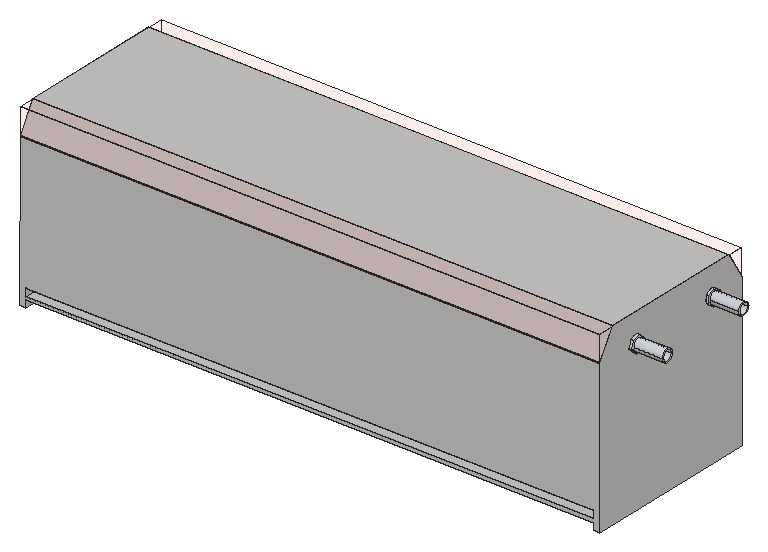
Revit family "Air-Curtain_Climate-Control_PoweredAire_ECE-HW", category Mechanical Equipment, host Face, Revit 2025
Family settings
  Host = Face
  Round Connector Dimension = Use Diameter
  Part Type = Normal
  OmniClass Number = 23.75.35.17.21
  OmniClass Title = Air Curtains
  Cut with Voids When Loaded = No
  Maintain Annotation Orientation = No
  Shared = No
  Room Calculation Point = No
Parameters
  upperrotation [instance] = if(Upper Pipe Connection Side A, 0.00°, 180.00°)  # 0.00°
  lowerrotation [instance] = if(Lower Pipe Connection Side A, 0.00°, 180.00°)  # 0.00°
  locateupperpipe [instance] = if(Upper Pipe Connection Side A, 0' 0", Nozzle Width)  # 0' - 0"
  locatelowerpipe [instance] = if(Lower Pipe Connection Side A, 0' 0", Nozzle Width)  # 0' - 0"
  Upper Pipe Connection Side A [instance] = yes
  Unit Width Notes = "Other Widths available."  # constant formula
  Unit Width = 4' - 1"
  Unit Weight = 0
  Unit Height = 1' - 3"
  Unit Depth [instance] = if(Include Filters, 2' 1 7/8", 1' 11 3/4")  # 1' - 11 3/4"
  Unit  Depth [instance] = 1' - 3"
  URL = "http://www.poweredaire.com/"
  Specification = ""
  Projection from Host [instance] = 0' - 0"
  Product Page URL = "https://www.arcat.com/company/powered-aire-inc-47623"
  Power Rating = 0 W
  Piping_Water Flow [instance] = 0 GPM
  Piping_Operating Pressure [instance] = 0.00 psi
  Piping_Exit Temperature [instance] = 0 °F
  Piping_Entry Temperature [instance] = 0 °F
  Pipe OD [instance] = 5/8"
  Nozzle Width = if(1 = 1, Unit Width - 0' 3", 0' 0")  # 3' - 10"
  Mounting Width = if(1 = 1, Unit Width - 0' 1 1/2", 0' 0")  # 3' - 11 1/2"
  Mounting Height [instance] = 3' - 6"
  Motor RPM = 0
  Motor HP = 0
  Motor Count = 0
  Model = "ECE HW"
  Max Height = 0' - 0"
  Manufacturer = "Powered Aire, Inc"
  Lower Pipe Connection Side A [instance] = yes
  Keynote = "23 34 33"
  Include Filters [instance] = no
  Include Clearance [instance] = yes
  Heating Element Load = 0 W
  HVAC_Temperature Rise [instance] = 0 °F
  HVAC_Outlet Volume [instance] = 0 CFM
  HVAC_Outlet Velocity Uniformity = 0
  HVAC_Outlet Velocity [instance] = 0 FPM
  HVAC_BTU Input = 0.0 Btu/h
  Front Grating Material [instance] = Metal - Steel - PoweredAire - Stainless 304 Perforated
  Frame Finish [instance] = Metal - Steel - PoweredAire - Stainless 304
  Electrical_Wattage [instance] = Power Rating + Heating Element Load  # 0 W
  Electrical_Voltage [instance] = 0 V
  Electrical_Phase [instance] = 1
  Electrical_Frequency [instance] = 0 Hz
  Electrical_Amperage [instance] = 0 A
  Description = ""
  Default Elevation = 0' - 0"  # constant formula
  Copyright = "©Arcat Inc."
  Clearance_Top [instance] = 0' - 0"
  Clearance_Side B [instance] = 0' - 0"
  Clearance_Side A [instance] = 0' - 0"
  Clearance_Intake [instance] = 0' - 0"
  Clearance_Bottom [instance] = 0' - 0"
  Clearance Material [instance] = ARCAT Clearance
  CAD Details = ""
  Assembly Code = "D3090400"
Reference planes (in)
  plane 1 "Center (Elevation)": y = 0.13818
  plane 2: z = 0
  plane 3 "Center (Left/Right)": x = 0
  plane 4: y = 7.63818
  plane 5: y = -7.36182
  plane 6: x = 24.5
  plane 7: z = 15
  plane 8 "FF": y = -41.86182
  plane 9: x = 24.5
  plane 10: x = -24.5
  plane 11: y = 7.63818
  plane 12: y = -7.36182
  plane 13: x = -24.5
  plane 14: y = 6.26318
  plane 15: y = -5.98682
  plane 16: z = 12.75
  plane 17: y = 4.38818
  plane 18: y = -3.67182
  plane 19: z = 0
  plane 20: y = 9.88818
  plane 21: x = 24
  plane 22: x = -24
Forms (in)
  Extrusion 1, solid, material "Metal - Steel - PoweredAire - Stainless 304" <- "Frame Finish"
    sketch origin (0, -0.0191, 0) x (0, 1, 0) y (0, 0, 1)
      loop
        line (-7.34273, 0) -> (7.65727, 0) -> (7.65727, 12.75) -> (6.24408, 15.03125) -> (-5.96773, 15.03125) -> (-7.34273, 12.75) -> (-7.34273, 0)
    from -24.5 to 24.5
  Extrusion 2, solid, material "ARCAT Clearance" <- "Clearance Material", visible <- "Include Clearance"
    sketch origin (0, 0, 0) x (0, 1, 0) y (0, 0, 1)
      loop
        line (-7.36182, 15) -> (-7.36182, 0) -> (7.63818, 0) -> (7.63818, 15) -> (-7.36182, 15)
    from -24.5 to 24.5
  Extrusion 3, solid
    sketch origin (0, 0, 0) x (0, 1, 0) y (0, 0, 1)
      loop
        circle (-3.67182, 12.75) r 0.44922
      loop
        circle (4.38818, 12.75) r 0.44922
      loop
        circle (-3.67182, 12.75) r 0.5
      loop
        circle (4.38818, 12.75) r 0.5
    from 24.5 to 27.25
  Extrusion 4, solid
    sketch origin (0, 0, 0) x (0, 1, 0) y (0, 0, 1)
      loop
        line (-3.19979, 12.27796) -> (-3.02701, 12.92278) -> (-3.49905, 13.39481) -> (-4.14386, 13.22204) -> (-4.31664, 12.57722) -> (-3.8446, 12.10519) -> (-3.19979, 12.27796)
      loop
        line (4.93501, 12.3671) -> (4.99319, 13.03212) -> (4.44636, 13.41502) -> (3.84134, 13.1329) -> (3.78316, 12.46788) -> (4.32999, 12.08498) -> (4.93501, 12.3671)
      loop
        circle (-3.67182, 12.75) r 0.5
      loop
        circle (4.38818, 12.75) r 0.5
    from 24.5 to 24.78
  Extrusion 5, void
    sketch origin (0.25, 0, -1) x (0, 1, 0) y (0, 0, 1)
      loop
        line (-7.36182, 1) -> (-6.36182, 1) -> (-6.36182, 2.5) -> (-7.36182, 2.5) -> (-7.36182, 1.82425) -> (-6.50864, 1.82425) -> (-6.50864, 1.57425) -> (-7.36182, 1.57425) -> (-7.36182, 1)
    from -24.25 to 23.75
  Extrusion 6, solid
    sketch origin (0, 0.13818, 0) x (1, 0, 0) y (0, 0, 1)
      loop
        line (1.90625, 10.0625) -> (-1.90625, 10.0625)
        arc (-1.90625, 10.0625) -> (-1.97254, 10.03504) -> (-2, 9.96875) r 0.09375
        line (-2, 9.96875) -> (-2, 6.15625)
        arc (-2, 6.15625) -> (-1.97254, 6.08996) -> (-1.90625, 6.0625) r 0.09375
        line (-1.90625, 6.0625) -> (1.90625, 6.0625)
        arc (1.90625, 6.0625) -> (1.97254, 6.08996) -> (2, 6.15625) r 0.09375
        line (2, 6.15625) -> (2, 9.96875)
        arc (2, 9.96875) -> (1.97254, 10.03504) -> (1.90625, 10.0625) r 0.09375
    from -9.75 to -7.5
  Extrusion 7, solid, material "Metal - Steel - PoweredAire - Stainless 304 Perforated"
    sketch origin (0, 0, 0) x (0, 1, 0) y (0, 0, 1)
      loop
        line (-5.98682, 15.03125) -> (6.22498, 15.03125) -> (7.63818, 12.75) -> (7.63818, 12.80115) -> (6.24908, 15.07422) -> (-6.01109, 15.07422) -> (-7.36182, 12.83324) -> (-7.36182, 12.75) -> (-5.98682, 15.03125)
    from -24.5 to 24.5
  Extrusion 8, solid
    sketch origin (0, 0, 0) x (0, 1, 0) y (0, 0, 1)
      loop
        circle (-3.67182, 12.75) r 0.53906
      loop
        circle (4.38818, 12.75) r 0.53906
    from 23.98 to 24.5
Cuts and joins
  Extrusion 5 cuts Extrusion 1
  Extrusion 5 cuts Extrusion 2
Lines and regions (in)
  reference lines
    curve 1: line (19.5, 6.26318, 0) -> (24.25, 6.26318, 0)
    curve 2: line (19.5, -5.98682, 0) -> (23.75, -5.98682, 0)
Dimensions and locks (in)
  equal spacing: plane 4, plane 1 "Center (Elevation)", plane 5
  "Unit Height": plane 4 to plane 5
  plane 10 to plane 3 "Center (Left/Right)" to plane 9 = 2' - 0 1/2", 2' - 0 1/2"
  "Mounting Height": plane 1 "Center (Elevation)" to plane 8 "FF"
  "Clearance_Top": plane 11 to plane 4
  "Clearance_Bottom": plane 5 to plane 12
  locked: plane 12 to plane 18 at 3.69
  locked: plane 17 to plane 11 at 3.25
  locked: Extrusion 1 to Extrusion 3 at 2.75
  "Clearance_Side B": plane 9 to plane 6
  "Clearance_Side A": plane 13 to plane 10
  "Unit Width": plane 10 to plane 9
  locked: plane 6 to Extrusion 4 at 0.28
  Extrusion 5 sketch curve to Extrusion 5 sketch curve to Extrusion 5 sketch curve to Extrusion 5 sketch curve = 0' - 0.67575" locked, 0' - 0 1/4" locked, 0' - 0.57425" locked
  locked: Extrusion 5 sketch curve to Extrusion 5 sketch curve at 0.14681
  "Projection from Host": plane 2 to plane 19
  locked: plane 16 to plane 7 at 2.25
  "Unit  Depth": plane 7 to plane 19
  Extrusion 6 to plane 3 "Center (Left/Right)" to Extrusion 6 = 0' - 2" locked, 0' - 2" locked
  locked: Extrusion 6 to Extrusion 6 at 4
  locked: Extrusion 6 to plane 7 at 4.9375
  locked: cut or joined group of Extrusion 2, Extrusion 5 to Extrusion 6 at 2.25
  locked: plane 20 to plane 11 at 2.25
  equal spacing: cut or joined group of Extrusion 2, Extrusion 5, plane 3 "Center (Left/Right)", cut or joined group of Extrusion 2, Extrusion 5
  locked: plane 22 to plane 10 at 0.5
  locked: plane 9 to plane 21 at 0.5
  locked: Extrusion 8 to plane 6 at 0.52
  plane 9 to plane 6 = 0' - 0"
  aligned and locked: plane 2 to host face
  aligned and locked: host face to level
  aligned and locked: plane 12 to Extrusion 2 sketch curve
  aligned and locked: level to Extrusion 2 sketch curve
  aligned and locked: Extrusion 2 sketch curve to plane 11
  aligned and locked: Extrusion 2 to plane 13
  aligned and locked: plane 9 to Extrusion 1
  aligned and locked: Extrusion 1 to plane 10
  aligned and locked: plane 15 to curve 2
  aligned and locked: plane 14 to curve 1
  aligned and locked: plane 6 to Extrusion 2
  aligned and locked: Extrusion 3 to Extrusion 1
  aligned and locked: Extrusion 3 to plane 9
  aligned and locked: plane 9 to Extrusion 3  (x2)
  aligned and locked: plane 10 to Extrusion 1
  aligned and locked: Extrusion 4 to plane 6
  aligned and locked: plane 19 to cut or joined group of Extrusion 1, Extrusion 5
  aligned and locked: Extrusion 1 to Extrusion 5
  aligned and locked: Extrusion 1 to plane 4
  aligned and locked: Extrusion 1 to plane 5
  aligned and locked: cut or joined group of Extrusion 1, Extrusion 5 to plane 11
  aligned and locked: Extrusion 7 sketch curve to plane 5
  aligned and locked: plane 4 to Extrusion 7 sketch curve
  aligned and locked: Extrusion 7 to cut or joined group of Extrusion 1, Extrusion 5  (x2)
  aligned and locked: Extrusion 6 to cut or joined group of Extrusion 1, Extrusion 5
  aligned and locked: cut or joined group of Extrusion 1, Extrusion 5 to Extrusion 6
  aligned and locked: Extrusion 6 to plane 20
  aligned and locked: Extrusion 5 to cut or joined group of Extrusion 2, Extrusion 5  (x2)
  aligned and locked: plane 21 to cut or joined group of Extrusion 2, Extrusion 5
  aligned and locked: cut or joined group of Extrusion 2, Extrusion 5 to plane 22
  aligned and locked: Extrusion 8 to Extrusion 4
Automatic sketch dimensions
  host sketch curve to host sketch curve = 8' - 0"  (x2)
  curve 1 to plane 9 = 0' - 0 1/4"
  curve 1 to curve 1 = 0' - 4 3/4"
  curve 2 to plane 9 = 0' - 5"
  Extrusion 3 sketch curve to Extrusion 3 sketch curve = 0' - 0"  (x4)
  Extrusion 3 sketch curve to plane 16 = 0' - 0"  (x2)
  Extrusion 3 sketch curve to plane 18 = 0' - 0"
  Extrusion 3 sketch curve to plane 17 = 0' - 0"
  Extrusion 4 sketch curve to plane 16 = 0' - 0"  (x2)
  Extrusion 4 sketch curve to plane 18 = 0' - 0"
  Extrusion 4 sketch curve to plane 17 = 0' - 0"
  plane 18 to Extrusion 4 sketch curve = 0' - 0.17278"
  plane 18 to Extrusion 4 sketch curve = 0' - 0.47204"
  Extrusion 4 sketch curve to plane 16 = 0' - 0.17278"
  plane 18 to Extrusion 4 sketch curve = 0' - 0.64481"
  Extrusion 4 sketch curve to plane 18 = 0' - 0.17278"
  Extrusion 4 sketch curve to plane 18 = 0' - 0.47204"
  plane 16 to Extrusion 4 sketch curve = 0' - 0.17278"
  Extrusion 4 sketch curve to plane 18 = 0' - 0.64481"
  Extrusion 4 sketch curve to plane 16 = 0' - 0.28212"
  plane 17 to Extrusion 4 sketch curve = 0' - 0.60502"
  plane 17 to Extrusion 4 sketch curve = 0' - 0.54683"
  plane 17 to Extrusion 4 sketch curve = 0' - 0.05818"
  Extrusion 4 sketch curve to plane 17 = 0' - 0.05818"
  Extrusion 4 sketch curve to plane 17 = 0' - 0.54683"
  plane 16 to Extrusion 4 sketch curve = 0' - 0.28212"
  Extrusion 4 sketch curve to plane 17 = 0' - 0.60502"
  Extrusion 4 sketch curve to plane 16 = 0' - 0.3829"
  Extrusion 4 sketch curve to plane 16 = 0' - 0.47204"
  Extrusion 4 sketch curve to plane 16 = 0' - 0.64481"
  Extrusion 4 sketch curve to plane 16 = 0' - 0.66502"
  plane 16 to Extrusion 4 sketch curve = 0' - 0.3829"
  plane 16 to Extrusion 4 sketch curve = 0' - 0.47204"
  plane 16 to Extrusion 4 sketch curve = 0' - 0.64481"
  plane 16 to Extrusion 4 sketch curve = 0' - 0.66502"
  Extrusion 5 sketch curve to plane 5 = 0' - 0"  (x2)
  plane 15 to Extrusion 5 sketch curve = 0' - 0.52181"
  Extrusion 2 sketch curve to plane 7 = 0' - 0"
  plane 19 to Extrusion 5 sketch curve = 0' - 0"
  Extrusion 6 sketch curve to plane 3 "Center (Left/Right)" = 0' - 2"
  Extrusion 6 sketch curve to Extrusion 6 sketch curve = 0' - 0 3/32"  (x3)
  plane 3 "Center (Left/Right)" to Extrusion 6 sketch curve = 0' - 1 29/32"  (x2)
  level to Extrusion 6 sketch curve = 0' - 6 1/16"
  Extrusion 6 sketch curve to plane 16 = 0' - 2 25/32"
  Extrusion 7 sketch curve to plane 15 = 0' - 0"
  Extrusion 7 sketch curve to plane 16 = 0' - 0"  (x2)
  plane 14 to Extrusion 7 sketch curve = 0' - 0.03819"
  plane 14 to Extrusion 7 sketch curve = 0' - 0.0141"
  Extrusion 7 sketch curve to Extrusion 7 sketch curve = 0' - 0.05115"
  Extrusion 7 sketch curve to Extrusion 7 sketch curve = 0' - 0.08324"
  plane 7 to Extrusion 7 sketch curve = 0' - 0 1/32"
  Extrusion 7 sketch curve to Extrusion 7 sketch curve = 0' - 0 11/256"
  plane 15 to Extrusion 7 sketch curve = 0' - 0.02427"
  Extrusion 1 sketch curve to plane 5 = 0' - 0"
  Extrusion 1 sketch curve to plane 15 = 0' - 0"
  Extrusion 1 sketch curve to level = 0' - 0"
  Extrusion 1 sketch curve to plane 4 = 0' - 0"
  Extrusion 1 sketch curve to plane 16 = 0' - 0"  (x2)
  plane 14 to Extrusion 1 sketch curve = 0' - 0.03819"
  plane 7 to Extrusion 1 sketch curve = 0' - 0 1/32"
  curve 2 to plane 6 = 0' - 0 3/4"
  Extrusion 8 sketch curve to plane 16 = 0' - 0"  (x2)
  Extrusion 8 sketch curve to plane 18 = 0' - 0"
  Extrusion 8 sketch curve to plane 17 = 0' - 0"
  radius of Extrusion 3 sketch curve = 0' - 0 115/256"  (x2)
  radius of Extrusion 3 sketch curve = 0' - 0 1/2"  (x2)
  radius of Extrusion 4 sketch curve = 0' - 0 1/2"  (x2)
  radius of Extrusion 8 sketch curve = 0' - 0 69/128"  (x2)
